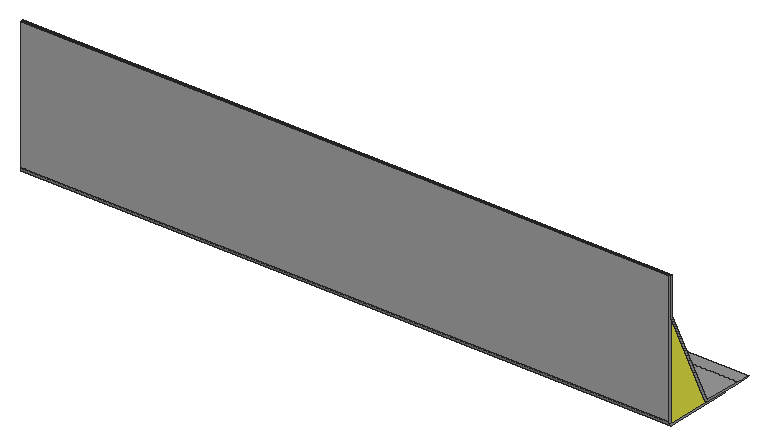
Revit family "XHDT K 90", category Generic Models, Revit 2014
Parameters (values of type "Max lintel length 4800mm")
  URL = "http://www.keystonelintels.co.uk"
  Structural Opening [instance] = 900 mm
  Structural Performance = "The Keystone lintel range has safe working loads as detailed in each applicable loading table in the Keystone Lintel Guide brochure. The structural performance figures within each table have been ascertained by testing in accordance with the requirements of standards BS EN 5977-2: 1983 and BS EN 845-2: 2003."
  RIBA Productor Selector = "available for Keystone Lintels Ltd from Keystone Lintels Ltd from ribaproductselector.com"
  Model = "XHDT/K 90"
  Min Length = 600 mm
  Min Clear Span = 300 mm
  Max Length = 4800 mm
  Max Clear Span = 4800 mm
  Material - Stainless Steel = "Grade 304 2b 1.4307 to BS EN 10088-2. Other grades available on request: contact manufacturer."
  Material - Galvanised Steel = "To BS EN 10346: 2009. DX51D plus Z600 or grade Z275 to BS 5977-2: 1983 (BS EN 845-2: 2003)."
  Manufacturer = "Keystone"
  Manufactured Length [instance] = (roundup(Effective Length / 150 mm) * 150 mm)  # 1200 mm
  Lintel height [instance] = 2100 mm
  Keynote = "F30/755"
  Fire Performance = "Keystone lintels have been subjected to a fire test (WARRES No. 101263) in accordance with BS 476-20: 1987, at Exova Warrington Fire and achieved a one hour fire performance."
  End Bearing = 150 mm
  Effective Length [instance] = Clear Opening with MIN MAX set + End Bearing * 2  # 1200 mm
  Corrosion = "Keystone’s standard range of lintels are manufactured from high quality grade pre-galvanized carbon steel with a zinc coating of 600"
  Contact Tel = "+44 (0)28 8676 2184"
  Contact Email = "info@keystonelintels.co.uk"
  Clear Opening with MIN MAX set [instance] = if(Structural Opening < Min Clear Span, Min Clear Span, (if(Structural Opening > Max Clear Span, Max Clear Span, Structural Opening)))  # 900 mm
  CPD Information = "Available for Keystone Lintels Ltd from ribacpd.com"
Reference planes
  plane 1 "Center (Front/Back)": y = 0
  plane 2: z = 0
  plane 3 "Center (Left/Right)": x = 0
  plane 4: x = -600
  plane 5: x = 600
  plane 6: z = 2100
  plane 7: x = -450
  plane 8: x = 450
Forms (mm)
  Extrusion 1, solid, material "Steel"
    sketch origin (0, 765.227, -488.293) x (0, 1, 0) y (0, 0, 1)
      loop
        line (-650.396, 2588.293) -> (-625.448, 2587.402) -> (-625.334, 2590.6) -> (-650.339, 2591.493) -> (-720.309, 2591.493)
        arc (-720.309, 2591.493) -> (-721.354, 2591.853) -> (-721.958, 2592.779) r 1.7
        line (-721.958, 2592.779) -> (-802.239, 2766.237) -> (-802.239, 2835.393) -> (-805.439, 2835.393) -> (-805.439, 2765.491) -> (-725.015, 2591.828)
        arc (-725.015, 2591.828) -> (-723.252, 2589.275) -> (-720.309, 2588.293) r 4.9
        line (-720.309, 2588.293) -> (-650.396, 2588.293)
    from -600 to 600
  Extrusion 2, solid, material "Steel"
    sketch origin (0, 765.227, -488.293) x (0, 1, 0) y (0, 0, 1)
      loop
        line (-808.639, 2835.393) -> (-808.639, 2593.289)
        arc (-808.639, 2593.289) -> (-806.144, 2587.399) -> (-800.177, 2585.093) r 8.2
        line (-800.177, 2585.093) -> (-679.298, 2585.093) -> (-679.298, 2588.293) -> (-800.235, 2588.293)
        arc (-800.235, 2588.293) -> (-803.901, 2589.682) -> (-805.439, 2593.289) r 5
        line (-805.439, 2593.289) -> (-805.439, 2835.393) -> (-808.639, 2835.393)
    from -600 to 600
  Extrusion 3, solid, material "Insulation"
    sketch origin (0, 765.227, -488.293) x (0, 1, 0) y (0, 0, 1)
      loop
        arc (-720.309, 2588.293) -> (-723.252, 2589.275) -> (-725.015, 2591.828) r 4.9
        line (-725.015, 2591.828) -> (-805.439, 2765.491) -> (-805.439, 2593.289)
        arc (-805.439, 2593.289) -> (-803.901, 2589.682) -> (-800.235, 2588.293) r 5
        line (-800.235, 2588.293) -> (-720.309, 2588.293)
    from -600 to 600
  Extrusion 4, solid, not visible
    sketch origin (0, 968.536, 1461.477) x (0, 1, 0) y (0, 0, 1)
      loop
        line (-650.396, 988.293) -> (-625.448, 987.402) -> (-625.334, 990.6) -> (-650.339, 991.493) -> (-720.309, 991.493)
        arc (-720.309, 991.493) -> (-721.354, 991.853) -> (-721.958, 992.779) r 1.7
        line (-721.958, 992.779) -> (-802.239, 1166.237) -> (-802.239, 1235.393) -> (-805.439, 1235.393) -> (-805.439, 1165.491) -> (-725.015, 991.828)
        arc (-725.015, 991.828) -> (-723.252, 989.275) -> (-720.309, 988.293) r 4.9
        line (-720.309, 988.293) -> (-650.396, 988.293)
    from 0 to 250
  Extrusion 5, solid, not visible
    sketch origin (0, 513.893, 1227.207) x (0, 1, 0) y (0, 0, 1)
      loop
        line (-808.639, 1235.393) -> (-808.639, 993.289)
        arc (-808.639, 993.289) -> (-806.144, 987.399) -> (-800.177, 985.093) r 8.2
        line (-800.177, 985.093) -> (-679.298, 985.093) -> (-679.298, 988.293) -> (-800.235, 988.293)
        arc (-800.235, 988.293) -> (-803.901, 989.682) -> (-805.439, 993.289) r 5
        line (-805.439, 993.289) -> (-805.439, 1235.393) -> (-808.639, 1235.393)
    from 0 to 250
  Extrusion 6, solid, not visible
    sketch origin (0, 1022.385, 859.304) x (0, 1, 0) y (0, 0, 1)
      loop
        arc (-720.309, 988.293) -> (-723.252, 989.275) -> (-725.015, 991.828) r 4.9
        line (-725.015, 991.828) -> (-805.439, 1165.491) -> (-805.439, 993.289)
        arc (-805.439, 993.289) -> (-803.901, 989.682) -> (-800.235, 988.293) r 5
        line (-800.235, 988.293) -> (-720.309, 988.293)
    from 0 to 250
Dimensions and locks
  equal spacing: plane 4, plane 3 "Center (Left/Right)", plane 5
  "Manufactured Length": plane 4 to plane 5
  "Lintel height": plane 6 to level
  "Structural Opening": plane 7 to plane 8
  equal spacing: plane 7, plane 3 "Center (Left/Right)", plane 8
  aligned and locked: level to plane 2
  aligned and locked: Extrusion 1 to plane 6
  aligned and locked: Extrusion 3 to plane 6
  aligned and locked: plane 6 to Extrusion 2
  aligned and locked: plane 5 to Extrusion 1
  aligned and locked: Extrusion 1 to plane 4
  aligned and locked: plane 5 to Extrusion 3
  aligned and locked: Extrusion 3 to plane 4
  aligned and locked: plane 5 to Extrusion 2
  aligned and locked: Extrusion 2 to plane 4
Automatic sketch dimensions
  Extrusion 1 sketch curve to Extrusion 1 sketch curve = 0.114 mm
  Extrusion 1 sketch curve to Extrusion 1 sketch curve = 0.891 mm
  Extrusion 1 sketch curve to Extrusion 1 sketch curve = 0.057 mm
  Extrusion 1 sketch curve to Extrusion 1 sketch curve = 69.913 mm
  Extrusion 1 sketch curve to Extrusion 1 sketch curve = 0 mm  (x4)
  Extrusion 1 sketch curve to Extrusion 1 sketch curve = 4.706 mm
  Extrusion 1 sketch curve to Extrusion 1 sketch curve = 0.335 mm
  Extrusion 1 sketch curve to Extrusion 1 sketch curve = 1.7 mm
  Extrusion 1 sketch curve to Extrusion 1 sketch curve = 80.424 mm
  Extrusion 1 sketch curve to Extrusion 1 sketch curve = 173.662 mm
  Extrusion 1 sketch curve to Extrusion 1 sketch curve = 1.649 mm
  Extrusion 1 sketch curve to Extrusion 1 sketch curve = 3.2 mm
  Extrusion 1 sketch curve to Extrusion 1 sketch curve = 0.746 mm
  Extrusion 1 sketch curve to Extrusion 1 sketch curve = 69.156 mm
  Extrusion 2 sketch curve to Extrusion 2 sketch curve = 3.2 mm
  Extrusion 2 sketch curve to Extrusion 2 sketch curve = 242.104 mm
  Extrusion 2 sketch curve to Extrusion 2 sketch curve = 0 mm  (x4)
  Extrusion 2 sketch curve to Extrusion 2 sketch curve = 5 mm
  Extrusion 2 sketch curve to Extrusion 2 sketch curve = 0.204 mm
  Extrusion 2 sketch curve to Extrusion 2 sketch curve = 0.057 mm
  Extrusion 2 sketch curve to Extrusion 2 sketch curve = 120.879 mm
  Extrusion 3 sketch curve to Extrusion 3 sketch curve = 0.204 mm
  Extrusion 3 sketch curve to Extrusion 3 sketch curve = 4.996 mm
  Extrusion 3 sketch curve to Extrusion 3 sketch curve = 79.926 mm
  Extrusion 3 sketch curve to Extrusion 3 sketch curve = 172.202 mm
  Extrusion 3 sketch curve to Extrusion 3 sketch curve = 0 mm
  Extrusion 3 sketch curve to Extrusion 3 sketch curve = 4.9 mm
  Extrusion 3 sketch curve to Extrusion 3 sketch curve = 4.706 mm
  Extrusion 3 sketch curve to Extrusion 3 sketch curve = 3.535 mm
  Extrusion 4 sketch curve to Extrusion 4 sketch curve = 0.114 mm
  Extrusion 4 sketch curve to Extrusion 4 sketch curve = 0.891 mm
  Extrusion 4 sketch curve to Extrusion 4 sketch curve = 0.057 mm
  Extrusion 4 sketch curve to Extrusion 4 sketch curve = 69.913 mm
  Extrusion 4 sketch curve to Extrusion 4 sketch curve = 0 mm  (x4)
  Extrusion 4 sketch curve to Extrusion 4 sketch curve = 4.706 mm
  Extrusion 4 sketch curve to Extrusion 4 sketch curve = 0.335 mm
  Extrusion 4 sketch curve to Extrusion 4 sketch curve = 1.7 mm
  Extrusion 4 sketch curve to Extrusion 4 sketch curve = 80.424 mm
  Extrusion 4 sketch curve to Extrusion 4 sketch curve = 173.662 mm
  Extrusion 4 sketch curve to Extrusion 4 sketch curve = 1.649 mm
  Extrusion 4 sketch curve to Extrusion 4 sketch curve = 3.2 mm
  Extrusion 4 sketch curve to Extrusion 4 sketch curve = 0.746 mm
  Extrusion 4 sketch curve to Extrusion 4 sketch curve = 69.156 mm
  Extrusion 5 sketch curve to Extrusion 5 sketch curve = 3.2 mm
  Extrusion 5 sketch curve to Extrusion 5 sketch curve = 242.104 mm
  Extrusion 5 sketch curve to Extrusion 5 sketch curve = 0 mm  (x4)
  Extrusion 5 sketch curve to Extrusion 5 sketch curve = 5 mm
  Extrusion 5 sketch curve to Extrusion 5 sketch curve = 0.204 mm
  Extrusion 5 sketch curve to Extrusion 5 sketch curve = 0.057 mm
  Extrusion 5 sketch curve to Extrusion 5 sketch curve = 120.879 mm
  Extrusion 6 sketch curve to Extrusion 6 sketch curve = 0.204 mm
  Extrusion 6 sketch curve to Extrusion 6 sketch curve = 4.996 mm
  Extrusion 6 sketch curve to Extrusion 6 sketch curve = 79.926 mm
  Extrusion 6 sketch curve to Extrusion 6 sketch curve = 172.202 mm
  Extrusion 6 sketch curve to Extrusion 6 sketch curve = 0 mm
  Extrusion 6 sketch curve to Extrusion 6 sketch curve = 4.9 mm
  Extrusion 6 sketch curve to Extrusion 6 sketch curve = 4.706 mm
  Extrusion 6 sketch curve to Extrusion 6 sketch curve = 3.535 mm
  Extrusion 3 sketch curve to plane 6 = 0 mm
  plane 1 "Center (Front/Back)" to Extrusion 3 sketch curve = 40.212 mm
  Extrusion 2 sketch curve to plane 6 = 0 mm
  plane 1 "Center (Front/Back)" to Extrusion 2 sketch curve = 43.412 mm
  Extrusion 1 sketch curve to plane 6 = 0 mm
  plane 1 "Center (Front/Back)" to Extrusion 1 sketch curve = 40.212 mm
